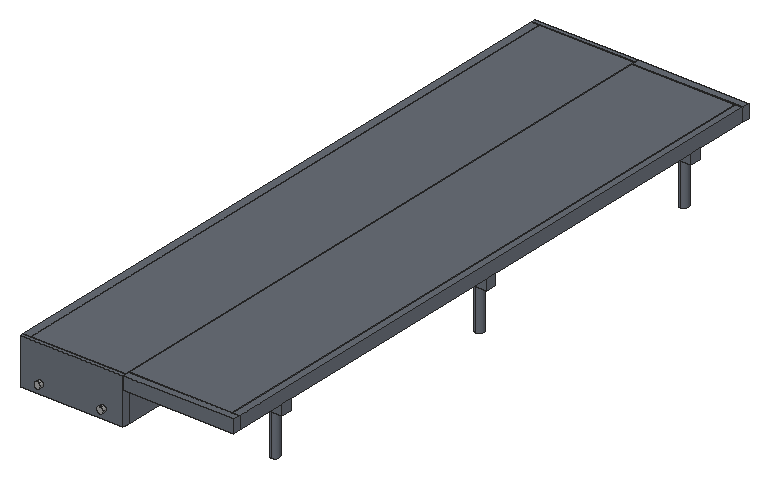
Revit family
Parameters (values of type "PL07 07 7/0")
  Width Inner Side = Actual Width 1 - Frame Offset  # 168 mm
  Width Inner Main = Actual Width - Frame Offset + 37 mm  # 192 mm
  Width Side = 181 mm
  Width = 168 mm
  URL = "http://www.meinertz.com/pictures_org/prodk.pdf"
  Thermal Performance = Thermal Performance Constant * Length / 1000 mm  # 287
  Tapping Radius = 9.5 mm / 2  # 4.75 mm
  Right Tap Visible = Count Grill Main > 3  # yes
  Thermal Performance Constant = if(Thermal Performance Index = 3, 145, if(Thermal Performance Index = 4, 191, if(Thermal Performance Index = 5, 231, if(Thermal Performance Index = 6, 262, if(Thermal Performance Index = 7, 287, if(Thermal Performance Index = 8, 317, if(Thermal Performance Index = 9, 339, if(Thermal Performance Index = 10, 359, if(Thermal Performance Index = 11, 382, if(Thermal Performance Index = 12, 404, if(Thermal Performance Index = 13, 424, 444)))))))))))  # 287
  Thermal Performance Index = 7
  Side Grill Length = Actual Length - (2 * Frame Offset) - 22 mm  # 952 mm
  Actual Width 1 = (Count Grill Side * 24 mm) + Frame Offset  # 181 mm
  Actual Width = (Count Grill Main - 1) * 24 mm + Frame Offset + 11 mm  # 168 mm
  Actual Length = if(Length < 4 * Frame Offset, 4 * Frame Offset, if(Length > 6000 mm, 6000 mm, Length))  # 1000 mm
  Model = "PL07 07 7/0"
  Manufacturer = "Meinertz"  # constant formula
  Length = 1000 mm
  Keynote = "PL07 07 7/0"
  Grill = RAL 7024 Grill
  GoGetNo = 6939  # constant formula
  Frame Offset = 13 mm  # constant formula
  Frame = RAL 7024
  Depth = -100 mm
  Count Side Support = (Actual Length - (2 * Frame Offset) - 200 mm) / 600 mm + 1.49  # 3
  Count Grill Side = ((Width Side - Frame Offset) / 24 mm)  # 7
  Count Grill Main = (Width - Frame Offset - 11 mm) / 24 mm + 1  # 7
  Count Convec Support = (Actual Length - (2 * Frame Offset) - 300 mm) / 2500 mm + 1.49  # 2
  Convection Grill Length = Actual Length - (2 * Frame Offset) - 11 mm  # 963 mm
  Assembly Code = ""
Types (5, lengths in mm): name | Width Inner Side | Width Inner Main | Width Side | Width | Thermal Performance | Right Tap Visible | Thermal Performance Constant | Thermal Performance Index | Actual Width 1 | Actual Width | Model | Keynote | Count Grill Side | Count Grill Main
  PL07 03 5/0 | 120 | 96 | 133 | 70 | 145 | no | 145 | 3 | 133 | 72 | "PL07 03 5/0" | "PL07 03 5/0" | 5 | 3
  PL07 04 5/0 | 120 | 120 | 133 | 96 | 191 | yes | 191 | 4 | 133 | 96 | "PL07 04 5/0" | "PL07 04 5/0" | 5 | 4
  PL07 05 5/0 | 120 | 144 | 133 | 120 | 231 | yes | 231 | 5 | 133 | 120 | "PL07 05 5/0" | "PL07 05 5/0" | 5 | 5
  PL07 06 6/0 | 144 | 168 | 157 | 144 | 262 | yes | 262 | 6 | 157 | 144 | "PL07 06 6/0" | "PL07 06 6/0" | 6 | 6
  PL07 07 7/0 | 168 | 192 | 181 | 168 | 287 | yes | 287 | 7 | 181 | 168 | "PL07 07 7/0" | "PL07 07 7/0" | 7 | 7
Reference planes
  plane 1 "Center (Front/Back)": y = -252.69
  plane 2: z = 0
  plane 3 "Center (Left/Right)": x = 0
  plane 4: y = 247.31
  plane 5: y = -752.69
  plane 6: x = 84
  plane 7: x = -84
  plane 8: x = 265
  plane 9: y = 234.31
  plane 10: x = -71
  plane 11: x = 252
  plane 12: y = 223.31
  plane 13: x = 97
  plane 14: y = 228.81
  plane 15: y = 247.31
  plane 16: y = -734.19
  plane 17: y = -728.69
  plane 18: y = 134.31
  plane 19: y = 84.31
  plane 20: y = -739.69
  plane 21: y = -639.69
  plane 22: y = -589.69
  plane 23: z = -70
  plane 24: z = -72
  plane 25: y = 94.31
  plane 26: y = 74.31
  plane 27: y = -579.69
  plane 28: y = -599.69
  plane 29: z = -20
  plane 30: x = 97
  plane 31: x = 102.5
  plane 32: x = -60
  plane 33: x = 241
  plane 34: y = 142.31
  plane 35: y = 126.31
  plane 36: y = -631.69
  plane 37: y = -647.69
  plane 38: z = -36
  plane 39: z = -19.765
  plane 40: x = 1
  plane 41: x = 47
  plane 42: x = 60
  plane 43: x = -29.5
  plane 44: z = -53
  plane 45: x = 6.5
  plane 46: x = 18.741
  plane 47 "Tap Center": z = -55
  plane 48: y = -502.69
  plane 49: y = -402.69
  plane 50: y = -2.69
  plane 51: y = -102.69
  plane 52: x = -41
  plane 53: x = 54
  plane 54: x = -41
  plane 55: x = 54
Forms (mm)
  Extrusion 1, void
    sketch origin (0, 0, 0) x (1, 0, 0) y (0, 1, 0)
      loop
        line (-84, 247.31) -> (-84, -752.69) -> (265, -752.69) -> (265, 247.31) -> (-84, 247.31)
    from 0 to -100 <- "Depth"
  Extrusion 2, solid, material "RAL 7024" <- "Frame"
    sketch origin (84, 722.475, 4000) x (0, 1, 0) y (0, 0, 1)
      loop
        line (-488.165, -4000) -> (-493.665, -4000) -> (-493.665, -4020) -> (-499.165, -4020) -> (-499.165, -4070) -> (-488.165, -4070) -> (-488.165, -4000)
      loop
        line (-1462.165, -4000) -> (-1462.165, -4070) -> (-1451.165, -4070) -> (-1451.165, -4020) -> (-1456.665, -4020) -> (-1456.665, -4000) -> (-1462.165, -4000)
    from 0 to -155
  Extrusion 3, solid, material "RAL 7024 Grill" <- "Grill"
    sketch origin (0, 0, 0) x (1, 0, 0) y (0, 1, 0)
      loop
        line (84, 223.31) -> (84, -728.69) -> (241, -728.69) -> (241, 223.31) -> (84, 223.31)
    from 0 to -20
  Extrusion 4, solid, material "RAL 7024 Grill" <- "Grill"
    sketch origin (0, 0, 0) x (1, 0, 0) y (0, 1, 0)
      loop
        line (-60, 228.81) -> (-60, -734.19) -> (84, -734.19) -> (84, 228.81) -> (-60, 228.81)
    from 0 to -70
  Extrusion 5, solid, material "RAL 7024" <- "Frame"
    sketch origin (0, 0, 0) x (1, 0, 0) y (0, 1, 0)
      loop
        line (-71, 228.81) -> (-71, -734.19) -> (-60, -734.19) -> (-60, 228.81) -> (-71, 228.81)
    from 0 to -70
  Extrusion 6, solid, material "RAL 7024" <- "Frame"
    sketch origin (0, 0, 0) x (1, 0, 0) y (0, 1, 0)
      loop
        line (241, 223.31) -> (241, -728.69) -> (252, -728.69) -> (252, 223.31) -> (241, 223.31)
    from 0 to -20
  Extrusion 7, solid, material "RAL 7024" <- "Frame"
    sketch origin (0, 0, 0) x (1, 0, 0) y (0, 1, 0)
      loop
        line (84, 234.31) -> (84, 223.31) -> (252, 223.31) -> (252, 234.31) -> (84, 234.31)
      loop
        line (84, -728.69) -> (84, -739.69) -> (252, -739.69) -> (252, -728.69) -> (84, -728.69)
    from 0 to -20
  Extrusion 8, solid, material "Tap"
    sketch origin (84, 722.475, 4000) x (0, 1, 0) y (0, 0, 1)
      loop
        circle (-725.165, -4055) r 4.75
      loop
        circle (-825.165, -4055) r 4.75
      loop
        circle (-1125.165, -4055) r 4.75
      loop
        circle (-1225.165, -4055) r 4.75
    from 0 to 5
  Extrusion 9, solid, material "Tap"
    sketch origin (-71, -734.19, 0) x (0, 1, 0) y (0, 0, -1)
      loop
        circle (231.5, 55) r 4.75
      loop
        circle (331.5, 55) r 4.75
      loop
        circle (631.5, 55) r 4.75
      loop
        circle (731.5, 55) r 4.75
    from 0 to 5
  Extrusion 10, solid, material "Tap"
    sketch origin (84, -739.69, 0) x (0, 0, -1) y (1, 0, 0)
      loop
        circle (55, -125) r 4.8
    from 0 to 5
  Extrusion 11, solid, material "Tap", visible <- "Right Tap Visible"
    sketch origin (84, -739.69, 0) x (0, 0, -1) y (1, 0, 0)
      loop
        circle (55, -30) r 4.8
    from 0 to 5
  Extrusion 12, solid, material "Tap"
    sketch origin (84, 234.31, 0) x (0, 0, -1) y (-1, 0, 0)
      loop
        circle (55, 30) r 4.8
    from 0 to 5
  Extrusion 13, solid, material "Tap", visible <- "Right Tap Visible"
    sketch origin (84, 234.31, 0) x (0, 0, -1) y (-1, 0, 0)
      loop
        circle (55, 125) r 4.8
    from 0 to 5
Lines and regions (mm)
  Masking region 1
    outline origin (0, 0, 0) x (1, 0, 0) y (0, 1, 0)
      loop
        line (-71, 228.81) -> (-71, -734.19) -> (84, -734.19) -> (84, 228.81) -> (-71, 228.81)
  Masking region 2
    outline origin (0, 0, 0) x (1, 0, 0) y (0, 1, 0)
      loop
        line (84, 223.31) -> (84, -728.69) -> (252, -728.69) -> (252, 223.31) -> (84, 223.31)
Dimensions and locks
  "Actual Width": plane 7 to plane 6
  "Actual Length": plane 4 to plane 5
  equal spacing: plane 4, plane 1 "Center (Front/Back)", plane 5
  equal spacing: plane 7, plane 3 "Center (Left/Right)", plane 6
  "Actual Width 1": plane 6 to plane 8
  locked: plane 6 to plane 13 at 13
  "Frame Offset": plane 7 to plane 10
  "Frame Offset": plane 11 to plane 8
  locked: plane 9 to plane 14 at 5.5
  "Frame Offset": plane 15 to plane 9
  locked: plane 14 to plane 12 at 5.5
  locked: plane 9 to plane 18 at 100
  locked: plane 18 to plane 19 at 50
  "Frame Offset": plane 20 to plane 5
  plane 22 to plane 21 to plane 20 = 50 mm locked, 100 mm locked
  plane 2 to plane 23 to plane 24 = 70 mm locked, 2 mm locked
  plane 25 to plane 19 to plane 26 = 10 mm locked, 10 mm locked
  locked: plane 17 to plane 20 at 11
  locked: plane 16 to plane 20 at 5.5
  locked: plane 2 to plane 29 at 20
  locked: plane 6 to plane 30 at 13
  locked: plane 6 to plane 31 at 18.5
  locked: plane 33 to plane 11 at 11
  locked: plane 10 to plane 32 at 11
  plane 34 to plane 18 to plane 35 = 8 mm locked, 8 mm locked
  plane 36 to plane 21 to plane 37 = 8 mm locked, 8 mm locked
  locked: plane 2 to plane 38 at 36
  locked: plane 2 to plane 39 at 19.765
  group 1 to group 2 = 0 mm  (x2)
  group 2 to group 1 = 674 mm
  equal spacing: group 3, group 5, group 4  (x2)
  equal spacing: group 4, group 5, group 3
  equal spacing: plane 32, plane 43, plane 40
  equal spacing: plane 38, plane 44, plane 23
  equal spacing: plane 6, plane 45, plane 10
  plane 5 to plane 48 to plane 49 = 250 mm locked, 100 mm locked
  locked: plane 47 "Tap Center" to nested 6 at 45
  plane 51 to plane 50 to plane 15 = 100 mm locked, 250 mm locked
  Extrusion 2 to plane 54 = 30 mm
  Extrusion 2 to plane 55 = 30 mm
  "Tapping Radius": radius of Extrusion 8 sketch curve  (x4)
  aligned and locked: plane 4 to plane 15
  aligned and locked: plane 20 to Extrusion 2 sketch curve
  aligned and locked: Extrusion 2 sketch curve to plane 16
  aligned and locked: plane 17 to Extrusion 2 sketch curve
  aligned and locked: Extrusion 2 sketch curve to plane 29
  aligned and locked: plane 2 to Extrusion 2 sketch curve
  aligned and locked: Extrusion 2 sketch curve to plane 23  (x2)
  aligned and locked: plane 12 to Extrusion 2 sketch curve
  aligned and locked: plane 14 to Extrusion 2 sketch curve
  aligned and locked: plane 9 to Extrusion 2 sketch curve
  aligned and locked: Extrusion 2 sketch curve to plane 2
  aligned and locked: Extrusion 2 to plane 10
  aligned and locked: Extrusion 2 to Extrusion 3 sketch curve
  aligned and locked: Extrusion 2 to Extrusion 4 sketch curve
  aligned and locked: Extrusion 4 sketch curve to Extrusion 2  (x2)
  aligned and locked: plane 33 to Extrusion 3 sketch curve
  aligned and locked: Extrusion 4 sketch curve to plane 32
  aligned and locked: Extrusion 5 sketch curve to Extrusion 2  (x2)
  aligned and locked: Extrusion 5 sketch curve to Extrusion 4  (x2)
  aligned and locked: Extrusion 3 to Extrusion 6 sketch curve
  aligned and locked: Extrusion 6 sketch curve to Extrusion 3
  aligned and locked: Extrusion 2 to Extrusion 7 sketch curve  (x2)
  aligned and locked: Extrusion 7 sketch curve to Extrusion 6  (x2)
  aligned and locked: Extrusion 7 sketch curve to plane 11
  aligned and locked: Extrusion 7 sketch curve to plane 17
  aligned and locked: Extrusion 7 sketch curve to Extrusion 2
  aligned and locked: plane 6 to Extrusion 7 sketch curve
  aligned and locked: plane 6 to nested 1
  aligned and locked: plane 14 to nested 1
  aligned and locked: plane 16 to nested 1
  aligned and locked: nested 2 to plane 17
  aligned and locked: plane 12 to nested 2
  aligned and locked: plane 10 to nested 1
  aligned and locked: plane 11 to nested 2
  aligned and locked: plane 6 to nested 2
  aligned and locked: plane 19 to nested 3
  aligned and locked: plane 24 to nested 3
  aligned and locked: plane 18 to nested 4
  aligned and locked: nested 4 to plane 11
  aligned and locked: nested 3 to plane 10
  aligned and locked: plane 38 to nested 4
  aligned and locked: plane 22 to nested 5
  aligned and locked: plane 21 to nested 6
  aligned and locked: nested 6 to plane 11
  aligned and locked: Extrusion 5 to plane 32
  aligned and locked: Masking region 1 sketch curve to Extrusion 5
  aligned and locked: Masking region 1 sketch curve to Extrusion 2  (x2)
  aligned and locked: Masking region 1 sketch curve to Extrusion 4
  aligned and locked: Masking region 2 sketch curve to Extrusion 3
  aligned and locked: Masking region 2 sketch curve to Extrusion 7  (x2)
  aligned and locked: Masking region 2 sketch curve to Extrusion 6
  aligned and locked: nested 5 to plane 10
Automatic sketch dimensions
  Extrusion 1 sketch curve to plane 5 = 0 mm
  Extrusion 1 sketch curve to plane 7 = 0 mm
  Extrusion 1 sketch curve to plane 8 = 0 mm
  Extrusion 1 sketch curve to plane 4 = 0 mm
  Extrusion 2 sketch curve to plane 29 = 0 mm
  Extrusion 3 sketch curve to plane 6 = 0 mm
  Extrusion 3 sketch curve to plane 17 = 0 mm
  Extrusion 6 sketch curve to plane 11 = 0 mm
  Extrusion 6 sketch curve to plane 17 = 0 mm
  Extrusion 8 sketch curve to plane 47 "Tap Center" = 0 mm  (x4)
  Extrusion 8 sketch curve to plane 48 = 0 mm
  Extrusion 8 sketch curve to plane 49 = 0 mm
  Extrusion 8 sketch curve to plane 51 = 0 mm
  Extrusion 8 sketch curve to plane 50 = 0 mm
  Extrusion 5 to Extrusion 9 sketch curve = 15 mm  (x4)
  Extrusion 9 sketch curve to Extrusion 5 = 231.5 mm
  Extrusion 9 sketch curve to Extrusion 9 sketch curve = 100 mm  (x2)
  Extrusion 9 sketch curve to Extrusion 9 sketch curve = 300 mm
  Extrusion 10 sketch curve to Extrusion 2 = 15 mm
  Extrusion 2 to Extrusion 10 sketch curve = 30 mm
  Extrusion 11 sketch curve to Extrusion 2 = 15 mm
  Extrusion 2 to Extrusion 11 sketch curve = 30 mm
  Extrusion 2 to Extrusion 12 sketch curve = 15 mm
  Extrusion 2 to Extrusion 12 sketch curve = 30 mm
  Extrusion 2 to Extrusion 13 sketch curve = 15 mm
  Extrusion 2 to Extrusion 13 sketch curve = 30 mm
  radius of Extrusion 9 sketch curve = 4.75 mm  (x4)
  radius of Extrusion 10 sketch curve = 4.8 mm
  radius of Extrusion 11 sketch curve = 4.8 mm
  radius of Extrusion 12 sketch curve = 4.8 mm
  radius of Extrusion 13 sketch curve = 4.8 mm
Nested families
  nested 1: "Grill" at (-71, -734.19, 0), type "Grill"
    with Width 963 mm, Start 11 mm, Second 13 mm, Length 155 mm, Big no
  nested 2: "Grill" at (84, -728.69, 0), type "Grill"
    with Width 952 mm, Start 13 mm, Second 11 mm, Length 168 mm, Big yes
  nested 3: "Support" at (11.079, 90.78, -72) x (0, 1, 0) z (0, 0, 1), type "Convec Support"
  nested 4: "Support" at (154.079, 140.78, -36) x (0, 1, 0) z (0, 0, 1), type "Side Support"
  nested 5: "Support" at (11.079, -583.22, -72) x (0, 1, 0) z (0, 0, 1), type "Convec Support"
  nested 6: "Support" at (154.079, -633.22, -36) x (0, 1, 0) z (0, 0, 1), type "Side Support"
  nested 7: "Support" at (154.079, -246.22, -36) x (0, 1, 0) z (0, 0, 1), type "Side Support"
Connectors
  piping at (89, -2.69, -55), driven by "Tapping Radius"
    settings: on Extrusion 8, index 13, connector radius 4.75 mm, flow factor 0, pipe flow 0.0 L/s, pressure drop 0.0 Pa, fitting loss kfactor 0, connector angle 0.00°, fixture units 0, flow configuration 1, flow direction 2, fitting loss method 0, system type 22, connector reference index -1, connector utility 0, adjustable connector no, is connector primary yes, fitting loss table "", connector description ""
  piping at (89, -102.69, -55), driven by "Tapping Radius"
    settings: on Extrusion 8, index 14, connector radius 4.75 mm, flow factor 0, pipe flow 0.0 L/s, pressure drop 0.0 Pa, fitting loss kfactor 0, connector angle 0.00°, fixture units 0, flow configuration 1, flow direction 1, fitting loss method 0, system type 22, connector reference index -1, connector utility 0, adjustable connector no, is connector primary no, fitting loss table "", connector description ""
  piping at (89, -402.69, -55), driven by "Tapping Radius"
    settings: on Extrusion 8, index 15, connector radius 4.75 mm, flow factor 0, pipe flow 0.0 L/s, pressure drop 0.0 Pa, fitting loss kfactor 0, connector angle 0.00°, fixture units 0, flow configuration 1, flow direction 2, fitting loss method 0, system type 22, connector reference index -1, connector utility 0, adjustable connector no, is connector primary no, fitting loss table "", connector description ""
  piping at (89, -502.69, -55), driven by "Tapping Radius"
    settings: on Extrusion 8, index 16, connector radius 4.75 mm, flow factor 0, pipe flow 0.0 L/s, pressure drop 0.0 Pa, fitting loss kfactor 0, connector angle 0.00°, fixture units 0, flow configuration 1, flow direction 1, fitting loss method 0, system type 22, connector reference index -1, connector utility 0, adjustable connector no, is connector primary no, fitting loss table "", connector description ""
  piping at (-76, -502.69, -55), driven by "Tapping Radius"
    settings: on Extrusion 9, index 17, connector radius 4.75 mm, flow factor 0, pipe flow 0.0 L/s, pressure drop 0.0 Pa, fitting loss kfactor 0, connector angle 0.00°, fixture units 0, flow configuration 1, flow direction 2, fitting loss method 0, system type 22, connector reference index -1, connector utility 0, adjustable connector no, is connector primary no, fitting loss table "", connector description ""
  piping at (-76, -402.69, -55), driven by "Tapping Radius"
    settings: on Extrusion 9, index 18, connector radius 4.75 mm, flow factor 0, pipe flow 0.0 L/s, pressure drop 0.0 Pa, fitting loss kfactor 0, connector angle 0.00°, fixture units 0, flow configuration 1, flow direction 1, fitting loss method 0, system type 22, connector reference index -1, connector utility 0, adjustable connector no, is connector primary no, fitting loss table "", connector description ""
  piping at (-76, -102.69, -55), driven by "Tapping Radius"
    settings: on Extrusion 9, index 19, connector radius 4.75 mm, flow factor 0, pipe flow 0.0 L/s, pressure drop 0.0 Pa, fitting loss kfactor 0, connector angle 0.00°, fixture units 0, flow configuration 1, flow direction 2, fitting loss method 0, system type 22, connector reference index -1, connector utility 0, adjustable connector no, is connector primary no, fitting loss table "", connector description ""
  piping at (-76, -2.69, -55), driven by "Tapping Radius"
    settings: on Extrusion 9, index 20, connector radius 4.75 mm, flow factor 0, pipe flow 0.0 L/s, pressure drop 0.0 Pa, fitting loss kfactor 0, connector angle 0.00°, fixture units 0, flow configuration 1, flow direction 1, fitting loss method 0, system type 22, connector reference index -1, connector utility 0, adjustable connector no, is connector primary no, fitting loss table "", connector description ""
  piping at (-41, -744.69, -55), driven by "Tapping Radius"
    settings: on Extrusion 10, index 21, connector radius 4.75 mm, flow factor 0, pipe flow 0.0 L/s, pressure drop 0.0 Pa, fitting loss kfactor 0, connector angle 0.00°, fixture units 0, flow configuration 1, flow direction 1, fitting loss method 0, system type 22, connector reference index -1, connector utility 0, adjustable connector no, is connector primary no, fitting loss table "", connector description ""
  piping at (54, -744.69, -55), driven by "Tapping Radius"
    settings: on Extrusion 11, index 22, connector radius 4.75 mm, flow factor 0, pipe flow 0.0 L/s, pressure drop 0.0 Pa, fitting loss kfactor 0, connector angle 0.00°, fixture units 0, flow configuration 1, flow direction 2, fitting loss method 0, system type 22, connector reference index -1, connector utility 0, adjustable connector no, is connector primary no, fitting loss table "", connector description ""
  piping at (54, 239.31, -55), driven by "Tapping Radius"
    settings: on Extrusion 12, index 23, connector radius 4.75 mm, flow factor 0, pipe flow 0.0 L/s, pressure drop 0.0 Pa, fitting loss kfactor 0, connector angle 0.00°, fixture units 0, flow configuration 1, flow direction 1, fitting loss method 0, system type 22, connector reference index -1, connector utility 0, adjustable connector no, is connector primary no, fitting loss table "", connector description ""
  piping at (-41, 239.31, -55), driven by "Tapping Radius"
    settings: on Extrusion 13, index 24, connector radius 4.75 mm, flow factor 0, pipe flow 0.0 L/s, pressure drop 0.0 Pa, fitting loss kfactor 0, connector angle 0.00°, fixture units 0, flow configuration 1, flow direction 2, fitting loss method 0, system type 22, connector reference index -1, connector utility 0, adjustable connector no, is connector primary no, fitting loss table "", connector description ""
Definition of nested family "Support"
  Parameters (values of type "Side Support")
    offset top = 17.5 mm
    Width = 16 mm
    Side 2 = yes
    Side 1 = no
    Length = 168 mm
    Height = 16 mm
    Frame = RAL 7024
    Footing rad = 6.5 mm
    Footing Height = 64 mm
    Assembly Code = ""
  Types (2, lengths in mm): name | Width | Side 1 | Length | Height | Footing Height
    Side Support | 16 | no | 168 | 16 | 64
    Convec Support | 20 | yes | 192 | 2 | 28
  Reference planes
    plane 1 "Center (Front/Back)": y = -13.921
    plane 2: z = 0
    plane 3 "Center (Left/Right)": x = -6.469
    plane 4: z = 16
    plane 5: x = 1.531
    plane 6: x = -14.469
    plane 7: y = 70.079
    plane 8: y = -97.921
    plane 9: y = 52.579
    plane 10: y = -80.421
    plane 11: z = -64
  Forms (mm)
    Extrusion 1, solid, material "RAL 7024" <- "Frame"
      sketch origin (0, -13.921, 0) x (1, 0, 0) y (0, 0, 1)
        loop
          line (-14.469, 16) -> (-14.469, 0) -> (1.531, 0) -> (1.531, 16) -> (-14.469, 16)
      from -84 to 84
    Extrusion 2, solid, material "RAL 7024" <- "Frame", visible <- "Side 1"
      sketch origin (0, 0, 0) x (1, 0, 0) y (0, 1, 0)
        loop
          circle (-6.469, 52.579) r 6.5
      from -64 to 0
    Extrusion 3, solid, material "RAL 7024" <- "Frame", visible <- "Side 2"
      sketch origin (0, 0, 0) x (1, 0, 0) y (0, 1, 0)
        loop
          circle (-6.469, -80.421) r 6.5
      from -64 to 0
  Dimensions and locks
    equal spacing: plane 6, plane 3 "Center (Left/Right)", plane 5
    equal spacing: plane 7, plane 1 "Center (Front/Back)", plane 8
    "Length": plane 7 to plane 8
    "Width": plane 6 to plane 5
    "Height": plane 4 to plane 2
    "offset top": plane 7 to plane 9
    "offset top": plane 10 to plane 8
    "Footing Height": plane 2 to plane 11
    "Footing rad": Extrusion 2 sketch curve to plane 3 "Center (Left/Right)"
    "Footing rad": plane 9 to Extrusion 2 sketch curve
    locked: plane 10 to Extrusion 3 sketch curve at 6.5
    locked: plane 3 "Center (Left/Right)" to Extrusion 3 sketch curve at 6.5
    "Footing rad": radius of Extrusion 2 sketch curve
    "Footing rad": radius of Extrusion 3 sketch curve
    aligned and locked: plane 6 to Extrusion 1 sketch curve
    aligned and locked: Extrusion 1 sketch curve to plane 4
    aligned and locked: level to Extrusion 1 sketch curve
    aligned and locked: Extrusion 1 sketch curve to plane 5
    aligned and locked: plane 7 to Extrusion 1
    aligned and locked: Extrusion 1 to plane 8
    aligned and locked: Extrusion 2 to plane 11
    aligned and locked: plane 2 to Extrusion 2
    aligned and locked: Extrusion 3 to plane 11
    aligned and locked: level to Extrusion 3
Definition of nested family "Grill"
  Parameters (values of type "Grill")
    Width [instance] = 208.6 mm
    Start [instance] = if(Big, 13 mm, 11 mm)  # 11 mm
    Second [instance] = if(Big, 11 mm, 13 mm)  # 13 mm
    Length [instance] = 900 mm
    Big [instance] = no
    Assembly Code = ""
  Reference planes
    plane 1 "Center (Front/Back)": y = 0
    plane 2: z = 0
    plane 3 "Center (Left/Right)": x = 0
    plane 4: y = 208.6
    plane 5: x = 900
  Lines and regions (mm)
    Filled region 1, type "Base", in view "Ref. Level"
      outline origin (0, 0, 0) x (1, 0, 0) y (0, 1, 0)
        loop
          line (0, 208.6) -> (0, 0) -> (900, 0) -> (900, 208.6) -> (0, 208.6)
    Filled region 2, type "Top", in view "Ref. Level"
      outline origin (45.053, 31.547, 0) x (1, 0, 0) y (0, 1, 0)
        loop
          line (-45.053, 177.053) -> (-45.053, -31.547) -> (854.947, -31.547) -> (854.947, 177.053) -> (-45.053, 177.053)
  Dimensions and locks
    "Width": plane 4 to plane 1 "Center (Front/Back)"
    "Length": plane 3 "Center (Left/Right)" to plane 5
    "Start": plane 3 "Center (Left/Right)" to Filled region 2
    "Second": Filled region 2 to Filled region 1
    aligned and locked: plane 4 to Filled region 2
    aligned and locked: plane 1 "Center (Front/Back)" to Filled region 2
    aligned and locked: plane 5 to Filled region 2
    aligned and locked: Filled region 1 to plane 3 "Center (Left/Right)"
    aligned and locked: plane 3 "Center (Left/Right)" to Filled region 2 sketch curve
  Automatic sketch dimensions
    Filled region 1 sketch curve to plane 1 "Center (Front/Back)" = 0 mm
    Filled region 1 sketch curve to plane 3 "Center (Left/Right)" = 0 mm
    Filled region 1 sketch curve to plane 5 = 0 mm
    Filled region 1 sketch curve to plane 4 = 0 mm
    Filled region 2 sketch curve to plane 1 "Center (Front/Back)" = 0 mm
    Filled region 2 sketch curve to plane 5 = 0 mm
    Filled region 2 sketch curve to plane 4 = 0 mm
